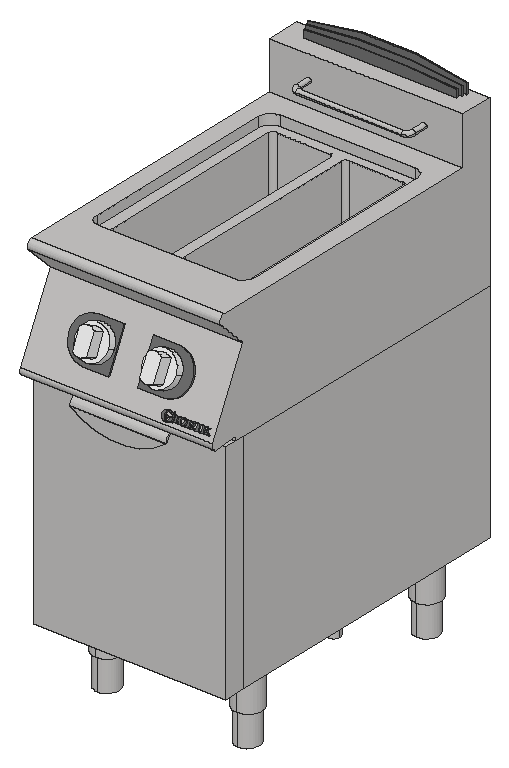
Revit family "QF_GIORIK_FE7207", category Specialty Equipment, Revit 2014
Parameters (values of type "FE7207")
  Weight in Pounds = 136.6864
  Watts = 14000 W
  Volts = 400 V
  URL Cutsheet = "www.giorik.com"
  URL = "www.giorik.com"
  Status [instance] = ""
  Specification by User [instance] = ""
  Specification by Manufacturer = ""
  Show Logo [instance] = yes
  Show Clearance [instance] = yes
  Serial Number = ""
  Seismic Rating = ""
  SMACNA No = ""
  Revision Code [instance] = ""
  Phase = 3
  Number of Poles [instance] = 3
  NAFEM Spec ID Number = ""
  Model = "FE7207"
  Min Ckt Ampacity = 0 A
  Max Overcurrent Protection = 0 A
  Masterspec = ""
  Manufacturer = "GIORIK"
  Item Number [instance] = ""
  Installed By [instance] = ""
  Identify Quantity as Lot [instance] = no
  HP = "18.774280000000"
  Furnished By [instance] = ""
  Foodservice Equipment Identifier [instance] = yes
  FL Amps = 0 A
  Electrical Remarks [instance] = ""
  Electric Connection Type [instance] = ""
  Elec Conn RI Height [instance] = 0 mm
  Elec Conn Connection Height [instance] = 150 mm
  Description = "8+8 LITRE ELECTRIC FRYER."
  Cycle = 50 Hz
  Conn Plug = ""
  CSI MasterFormat = ""
  Assembly Code = "E1090320"
  Apparent Power = 14000 VA
Reference planes
  plane 1 "Back": y = 0
  plane 2: z = 0
  plane 3 "Left": x = 0
  plane 4 "Right": x = 400
  plane 5 "Front": y = -720
  plane 6 "Top": z = 900
Forms (mm)
  Extrusion 1, solid, visible <- "Show Logo"
    sketch origin (196.604, -736.761, 609.486) x (-1, 0, 0) y (0, 0.452718, 0.891654)
      loop
        line (-118.824, 58.358) -> (-127.804, 58.358) -> (-125.523, 56.445) -> (-125.523, 48.027) -> (-127.804, 46.113) -> (-118.824, 46.113) -> (-121.105, 48.027) -> (-121.105, 56.445) -> (-118.824, 58.358)
      loop
        line (-163.721, 58.358) -> (-172.7, 58.358) -> (-170.42, 56.445) -> (-170.42, 48.027) -> (-172.7, 46.113) -> (-163.721, 46.113) -> (-166.001, 48.027) -> (-166.001, 56.445) -> (-163.721, 58.358)
      loop
        line (-174.332, 58.358) -> (-183.312, 58.358) -> (-181.031, 56.445) -> (-181.031, 52.435) -> (-186.419, 56.955) -> (-184.416, 58.358) -> (-191.268, 58.358) -> (-188.01, 56.839) -> (-185.455, 54.283) -> (-190.846, 47.858) -> (-193.396, 46.93) -> (-193.396, 46.113) -> (-184.416, 46.113) -> (-185.437, 47.571) -> (-182.443, 51.552) -> (-181.031, 50.894) -> (-181.031, 48.027) -> (-183.312, 46.113) -> (-174.332, 46.113) -> (-176.613, 48.027) -> (-176.613, 56.445) -> (-174.332, 58.358)
      loop
        line (-115.429, 62.063) -> (-115.429, 54.198)
        arc (-115.429, 54.198) -> (-111.618, 57.803) -> (-106.847, 59.986) r 16.039
        arc (-106.847, 59.986) -> (-103.314, 59.837) -> (-100.512, 57.68) r 5.851
        arc (-100.512, 57.68) -> (-98.815, 52.267) -> (-100.512, 46.853) r 9.479
        arc (-100.512, 46.853) -> (-102.406, 44.986) -> (-104.846, 43.93) r 7.236
        arc (-104.846, 43.93) -> (-107.728, 44.111) -> (-110.052, 45.825) r 5.11
        line (-110.052, 45.825) -> (-110.052, 52.001) -> (-116.141, 52.001) -> (-116.141, 45.503) -> (-117.893, 43.751) -> (-114.094, 44.769)
        arc (-114.094, 44.769) -> (-112.56, 44.947) -> (-111.129, 44.366) r 3.115
        arc (-111.129, 44.366) -> (-104.216, 42.091) -> (-97.303, 44.366) r 11.641
        arc (-97.303, 44.366) -> (-93.396, 52.107) -> (-97.303, 59.849) r 9.622
        arc (-97.303, 59.849) -> (-104.369, 62.174) -> (-111.435, 59.849) r 11.898
        line (-111.435, 59.849) -> (-115.429, 62.063)
      loop
        arc (-129.234, 56.068) -> (-135.893, 58.628) -> (-142.552, 56.068) r 9.941
        arc (-142.552, 56.068) -> (-144.234, 52.286) -> (-142.552, 48.505) r 5.093
        arc (-142.552, 48.505) -> (-135.893, 45.945) -> (-129.234, 48.505) r 9.941
        arc (-129.234, 48.505) -> (-127.552, 52.286) -> (-129.234, 56.068) r 5.093
      loop
        arc (-132.628, 54.403) -> (-135.893, 57.668) -> (-139.158, 54.403) r 3.265
        line (-139.158, 54.403) -> (-139.158, 50.169)
        arc (-139.158, 50.169) -> (-135.893, 46.904) -> (-132.628, 50.169) r 3.265
        line (-132.628, 50.169) -> (-132.628, 54.403)
      loop
        arc (-156.363, 58.365) -> (-159.647, 55.081) -> (-156.363, 51.796) r 3.285
        line (-156.363, 51.796) -> (-159.529, 47.306) -> (-162.087, 46.113) -> (-155.847, 46.113) -> (-153.529, 51.083) -> (-150.637, 51.083) -> (-150.637, 47.784) -> (-153.022, 46.113) -> (-144.011, 46.113) -> (-146.094, 47.68) -> (-146.094, 56.493) -> (-144.229, 58.365) -> (-156.363, 58.365)
      loop
        line (-150.637, 57.512) -> (-153.637, 57.512)
        arc (-153.637, 57.512) -> (-156.237, 54.912) -> (-153.637, 52.312) r 2.6
        line (-153.637, 52.312) -> (-150.637, 52.312) -> (-150.637, 57.512)
      loop
        line (-108.924, 52.001) -> (-104.936, 49.005) -> (-100.948, 52.001) -> (-108.924, 52.001)
    from 1.5 to -0.5
  Extrusion 2, solid
    sketch origin (-16, 1025.81, 0) x (1, 0, 0) y (0, 1, 0)
      loop
        line (25, -1086.81) -> (25, -1156.81) -> (115, -1156.81) -> (115, -1086.81) -> (25, -1086.81)
    from 148 to 150
  Extrusion 3, solid
    sketch origin (0, 1000, -20) x (0, 1, 0) y (0, 0, 1)
      loop
        line (-1000, 989.988) -> (-1070, 989.988) -> (-1070, 889.988) -> (-1688.806, 889.988)
        arc (-1688.806, 889.988) -> (-1699.151, 883.075) -> (-1696.724, 870.873) r 11.197
        line (-1696.724, 870.873) -> (-1640.876, 815.025) -> (-1718.948, 661.258)
        arc (-1718.948, 661.258) -> (-1718.233, 650.105) -> (-1708.118, 645.354) r 10.981
        line (-1708.118, 645.354) -> (-1660, 649.925) -> (-1660, 640) -> (-1000, 640) -> (-1000, 989.988)
    from 0 to 400
  Extrusion 4, solid
    sketch origin (0, 0, 599.536) x (1, 0, 0) y (0, 1, 0)
      loop
        line (0, -640) -> (40, -640) -> (40, -40) -> (360, -40) -> (360, -640) -> (400, -640) -> (400, 0) -> (0, 0) -> (0, -640)
    from -449.536 to 20.464
  Extrusion 5, solid
    sketch origin (0, 0, 0) x (1, 0, 0) y (0, 1, 0)
      loop
        line (40, -40) -> (40, -640) -> (360, -640) -> (360, -40) -> (40, -40)
    from 150 to 190
  Extrusion 6, solid
    sketch origin (-16, 560.81, 0) x (1, 0, 0) y (0, 1, 0)
      loop
        line (25, -1086.81) -> (25, -1156.81) -> (115, -1156.81) -> (115, -1086.81) -> (25, -1086.81)
    from 148 to 150
  Revolve 7, solid
    sketch origin (54, 560.81, 0) x (0, 1, 0) y (0, 0, 1)
      loop
        line (-1092.56, 66) -> (-1092.56, 148) -> (-1121.81, 148) -> (-1121.81, 0) -> (-1096.81, 0) -> (-1096.81, 66) -> (-1092.56, 66)
      axis (-1121.81, 0) -> (-1121.81, 148)
    angle from 0 to 360
  Revolve 8, solid
    sketch origin (54, 1025.81, 0) x (0, 1, 0) y (0, 0, 1)
      loop
        line (-1092.56, 66) -> (-1092.56, 148) -> (-1121.81, 148) -> (-1121.81, 0) -> (-1096.81, 0) -> (-1096.81, 66) -> (-1092.56, 66)
      axis (-1121.81, 0) -> (-1121.81, 148)
    angle from 0 to 360
  Extrusion 9, solid
    sketch origin (416, 560.81, 0) x (-1, 0, 0) y (0, -1, 0)
      loop
        line (25, 1086.81) -> (115, 1086.81) -> (115, 1156.81) -> (25, 1156.81) -> (25, 1086.81)
    from 148 to 150
  Revolve 10, solid
    sketch origin (346, 560.81, 0) x (0, 1, 0) y (0, 0, -1)
      loop
        line (-1092.56, -66) -> (-1096.81, -66) -> (-1096.81, 0) -> (-1121.81, 0) -> (-1121.81, -148) -> (-1092.56, -148) -> (-1092.56, -66)
      axis (-1121.81, 0) -> (-1121.81, -148)
    angle from 0 to 360
  Extrusion 11, solid
    sketch origin (416, -1217.81, 0) x (-1, 0, 0) y (0, -1, 0)
      loop
        line (25, -1086.81) -> (25, -1156.81) -> (115, -1156.81) -> (115, -1086.81) -> (25, -1086.81)
    from 148 to 150
  Revolve 12, solid
    sketch origin (346, -1217.81, 0) x (0, -1, 0) y (0, 0, 1)
      loop
        line (-1092.56, 66) -> (-1092.56, 148) -> (-1121.81, 148) -> (-1121.81, 0) -> (-1096.81, 0) -> (-1096.81, 66) -> (-1092.56, 66)
      axis (-1121.81, 0) -> (-1121.81, 148)
    angle from 0 to 360
  Extrusion 13, solid
    sketch origin (-293.221, -963.345, 52.363) x (1, 0, 0) y (0, 0.452718, 0.891654)
      loop
        line (463.221, 676.25) -> (463.221, 766.25) -> (409.698, 766.25)
        arc (409.698, 766.25) -> (364.698, 721.25) -> (409.698, 676.25) r 45
        line (409.698, 676.25) -> (463.221, 676.25)
    from 48 to 50
  Extrusion 14, solid
    sketch origin (481.331, -1008.697, 74.959) x (-1, 0, 0) y (0, -0.45351, -0.891251)
      loop
        circle (351.331, -721.346) r 35
    from 0 to 15
  Extrusion 15, solid
    sketch origin (481.331, -1008.697, 74.959) x (-1, 0, 0) y (0, -0.45351, -0.891251)
      loop
        arc (336.331, -743.846) -> (351.331, -748.846) -> (366.331, -743.846) r 25
        line (366.331, -743.846) -> (366.331, -698.846)
        arc (366.331, -698.846) -> (351.331, -693.846) -> (336.331, -698.846) r 25
        line (336.331, -698.846) -> (336.331, -743.846)
    from 15 to 40
  Extrusion 16, solid
    sketch origin (-94, 0, 59.999) x (1, 0, 0) y (0, 0, 1)
      loop
        line (135, 909.989) -> (453, 909.989) -> (453, 925.527) -> (347.056, 931.749) -> (240.944, 931.749) -> (135, 925.527) -> (135, 909.989)
    from 32 to 35
  Extrusion 17, solid
    sketch origin (-92, 10, 59.999) x (1, 0, 0) y (0, 0, 1)
      loop
        line (454, 909.989) -> (454, 928.527) -> (346.162, 939.193) -> (237.838, 939.193) -> (130, 928.527) -> (130, 909.989) -> (454, 909.989)
    from 32 to 35
  Extrusion 18, solid
    sketch origin (-90, 20, 59.999) x (1, 0, 0) y (0, 0, 1)
      loop
        line (455, 909.989) -> (455, 930.527) -> (345.396, 947.413) -> (234.604, 947.413) -> (125, 930.527) -> (125, 909.989) -> (455, 909.989)
    from 32 to 35
  Extrusion 19, void
    sketch origin (0, 0, 819.988) x (0, 1, 0) y (-1, 0, 0)
      loop
        arc (-120, -60) -> (-127.322, -42.322) -> (-145, -35) r 25
        line (-145, -35) -> (-565.002, -35)
        arc (-565.002, -35) -> (-582.68, -42.322) -> (-590.002, -60) r 25
        line (-590.002, -60) -> (-590.002, -340)
        arc (-590.002, -340) -> (-582.68, -357.678) -> (-565.002, -365) r 25
        line (-565.002, -365) -> (-145, -365)
        arc (-145, -365) -> (-127.322, -357.678) -> (-120, -340) r 25
        line (-120, -340) -> (-120, -60)
    from -100 to 50
  Extrusion 20, solid
    sketch origin (0, 0, 900) x (0, 1, 0) y (-1, 0, 0)
      loop
        arc (-120, -60) -> (-127.322, -42.322) -> (-145, -35) r 25
        line (-145, -35) -> (-565.002, -35)
        arc (-565.002, -35) -> (-582.68, -42.322) -> (-590.002, -60) r 25
        line (-590.002, -60) -> (-590.002, -340)
        arc (-590.002, -340) -> (-582.68, -357.678) -> (-565.002, -365) r 25
        line (-565.002, -365) -> (-145, -365)
        arc (-145, -365) -> (-127.322, -357.678) -> (-120, -340) r 25
        line (-120, -340) -> (-120, -60)
      loop
        arc (-140, -70) -> (-142.929, -62.929) -> (-150, -60) r 10
        line (-150, -60) -> (-555.002, -60)
        arc (-555.002, -60) -> (-562.073, -62.929) -> (-565.002, -70) r 10
        line (-565.002, -70) -> (-565.002, -180)
        arc (-565.002, -180) -> (-562.073, -187.071) -> (-555.002, -190) r 10
        line (-555.002, -190) -> (-150, -190)
        arc (-150, -190) -> (-142.929, -187.071) -> (-140, -180) r 10
        line (-140, -180) -> (-140, -70)
      loop
        line (-140, -330) -> (-140, -220)
        arc (-140, -220) -> (-142.929, -212.929) -> (-150, -210) r 10
        line (-150, -210) -> (-555.002, -210)
        arc (-555.002, -210) -> (-562.073, -212.929) -> (-565.002, -220) r 10
        line (-565.002, -220) -> (-565.002, -330)
        arc (-565.002, -330) -> (-562.073, -337.071) -> (-555.002, -340) r 10
        line (-555.002, -340) -> (-150, -340)
        arc (-150, -340) -> (-142.929, -337.071) -> (-140, -330) r 10
    from -180.012 to -50
  Extrusion 21, solid
    sketch origin (693.221, -963.345, 52.363) x (-1, 0, 0) y (0, -0.452718, -0.891654)
      loop
        line (463.221, -676.25) -> (409.698, -676.25)
        arc (409.698, -676.25) -> (364.698, -721.25) -> (409.698, -766.25) r 45
        line (409.698, -766.25) -> (463.221, -766.25) -> (463.221, -676.25)
    from 48 to 50
  Extrusion 22, solid
    sketch origin (-81.331, -1008.697, 74.959) x (1, 0, 0) y (0, 0.45351, 0.891251)
      loop
        circle (351.331, 721.346) r 35
    from 0 to 15
  Extrusion 23, solid
    sketch origin (-81.331, -1008.697, 74.959) x (1, 0, 0) y (0, 0.45351, 0.891251)
      loop
        line (336.331, 743.846) -> (336.331, 698.846)
        arc (336.331, 698.846) -> (351.331, 693.846) -> (366.331, 698.846) r 25
        line (366.331, 698.846) -> (366.331, 743.846)
        arc (366.331, 743.846) -> (351.331, 748.846) -> (336.331, 743.846) r 25
    from 15 to 40
  Extrusion 24, solid
    sketch origin (0, -725, 0) x (1, 0, 0) y (0, 0, 1)
      loop
        line (0, 620) -> (0, 150) -> (400, 150) -> (400, 620) -> (0, 620)
    from -85 to -40
  Extrusion 25, solid
    sketch origin (2.5, -725, -20.1) x (0, 1, 0) y (0, 0, 1)
      loop
        arc (25, 640.1) -> (14.393, 635.707) -> (10, 625.1) r 15
        line (10, 625.1) -> (12, 625.1)
        arc (12, 625.1) -> (15.808, 634.292) -> (25, 638.1) r 13
        line (25, 638.1) -> (40, 638.1) -> (40, 640.1) -> (25, 640.1)
    from 97.5 to 297.5
  Extrusion 26, solid
    sketch origin (2.5, -724.905, -20.1) x (1, 0, 0) y (0, 0, 1)
      loop
        arc (97.5, 625.1) -> (197.5, 590.089) -> (297.5, 625.1) r 160.316
        line (297.5, 625.1) -> (97.5, 625.1)
    from -11.905 to -9.905
  Extrusion 27, solid, visible <- "Show Clearance", detail levels coarse
    sketch origin (395, -725, 0) x (-1, 0, 0) y (0, -1, 0)
      loop
        line (-5, -40) -> (395, -40)
        arc (395, -40) -> (277.534, 241.069) -> (-5, 354.968) r 395
        line (-5, 354.968) -> (-5, -40)
    from 150 to 620
  Extrusion 28, solid
    sketch origin (0, 0, 100) x (0, 1, 0) y (-1, 0, 0)
      loop
        circle (-380, -380) r 12.5
    from 30 to 50
  Sweep 29, solid
    path origin (0, 0, 919.988) x (0, 1, 0) y (-1, 0, 0)
      loop
        line (-70, -80) -> (-100, -80)
        arc (-100, -80) -> (-107.071, -82.929) -> (-110, -90) r 10
        line (-110, -90) -> (-110, -310)
        arc (-110, -310) -> (-107.071, -317.071) -> (-100, -320) r 10
        line (-100, -320) -> (-70, -320)
    profile origin (80, -85, 919.988) x (1, 0, 0) y (0, 0, 1)
      loop
        circle (0, 0) r 5
Cuts and joins
  Extrusion 19 cuts Extrusion 3
Lines and regions (mm)
  symbolic lines, style "200-EquipBorder-2D"
    curve 1: line (0, -720, 0) -> (400, -720, 0)
    curve 2: line (400, -720, 0) -> (400, 0, 0)
    curve 3: line (400, 0, 0) -> (0, 0, 0)
    curve 4: line (0, 0, 0) -> (0, -720, 0)
  symbolic lines, style "200-EquipInternal-2D"
    curve 5: line (35, -12, 900) -> (365, -12, 900)
    curve 6: line (365, -12, 900) -> (365, -15, 900)
    curve 7: line (365, -15, 900) -> (35, -15, 900)
    curve 8: line (35, -15, 900) -> (35, -12, 900)
    curve 9: line (38, -22, 900) -> (362, -22, 900)
    curve 10: line (362, -22, 900) -> (362, -25, 900)
    curve 11: line (362, -25, 900) -> (38, -25, 900)
    curve 12: line (38, -25, 900) -> (38, -22, 900)
    curve 13: line (41, -32, 900) -> (359, -32, 900)
    curve 14: line (359, -32, 900) -> (359, -35, 900)
    curve 15: line (359, -35, 900) -> (41, -35, 900)
    curve 16: line (41, -35, 900) -> (41, -32, 900)
    curve 17: line (340, -120, 900) -> (60, -120, 900)
    curve 18: arc (60, -120, 900) -> (42.322, -127.322, 900) -> (35, -145, 900) r 25
    curve 19: line (35, -145, 900) -> (35, -565, 900)
    curve 20: arc (365, -145, 900) -> (357.678, -127.322, 900) -> (340, -120, 900) r 25
    curve 21: arc (340, -590, 900) -> (357.633, -582.723, 900) -> (365, -565.128, 900) r 25
    curve 22: line (60, -590, 900) -> (340, -590, 900)
    curve 23: arc (35, -565, 900) -> (42.322, -582.678, 900) -> (60, -590, 900) r 25
    curve 24: line (365, -565.128, 900) -> (365, -145, 900)
    curve 27: line (70, -140, 900) -> (180, -140, 900)
    curve 28: line (210, -555.002, 900) -> (210, -150, 900)
    curve 29: line (190, -150, 900) -> (190, -555.002, 900)
    curve 30: line (60, -555.002, 900) -> (60, -150, 900)
    curve 31: line (220, -140, 900) -> (330, -140, 900)
    curve 32: line (340, -150, 900) -> (340, -555.002, 900)
    curve 33: line (330, -565.002, 900) -> (220, -565.002, 900)
    curve 34: line (180, -565.002, 900) -> (70, -565.002, 900)
    curve 35: arc (70, -140, 900) -> (62.929, -142.929, 900) -> (60, -150, 900) r 10
    curve 36: arc (180, -140, 900) -> (187.071, -142.929, 900) -> (190, -150, 900) r 10
    curve 37: arc (210, -150, 900) -> (212.929, -142.929, 900) -> (220, -140, 900) r 10
    curve 38: arc (330, -140, 900) -> (337.071, -142.929, 900) -> (340, -150, 900) r 10
    curve 39: arc (60, -555.002, 900) -> (62.929, -562.073, 900) -> (70, -565.002, 900) r 10
    curve 40: arc (180, -565.002, 900) -> (187.071, -562.073, 900) -> (190, -555.002, 900) r 10
    curve 41: arc (340, -555.002, 900) -> (337.071, -562.073, 900) -> (330, -565.002, 900) r 10
    curve 42: arc (220, -565.002, 900) -> (212.929, -562.073, 900) -> (210, -555.002, 900) r 10
    curve 43: line (75, -70, 900) -> (75, -99.667, 900)
    curve 44: line (85, -100, 900) -> (85, -70, 900)
    curve 45: line (89.989, -104.989, 900) -> (310.27, -104.989, 900)
    curve 46: line (315.032, -100.227, 900) -> (315.032, -70, 900)
    curve 47: line (325.032, -70, 900) -> (325.032, -100.301, 900)
    curve 48: line (310.333, -115, 900) -> (90.333, -115, 900)
    curve 49: arc (90.333, -115, 900) -> (79.491, -110.509, 900) -> (75, -99.667, 900) r 15.333
    curve 50: arc (85, -100, 900) -> (86.461, -103.528, 900) -> (89.989, -104.989, 900) r 4.989
    curve 51: arc (310.333, -115, 900) -> (320.727, -110.695, 900) -> (325.032, -100.301, 900) r 14.699
    curve 52: arc (315.032, -100.227, 900) -> (313.637, -103.594, 900) -> (310.27, -104.989, 900) r 4.762
    curve 53: line (0, -70, 900) -> (400, -70, 900)
  symbolic lines, style "QF_Door-Drawer Clearances", visible <- "Show Clearance", detail levels coarse
    curve 25: arc (400, -1079.968, 0) -> (130.204, -978.101, 0) -> (1.554, -720, 0) r 395
    curve 26: line (400, -720, 0) -> (400, -1079.968, 0)
Dimensions and locks
  plane 3 "Left" to plane 4 "Right" = 400 mm
  plane 5 "Front" to plane 1 "Back" = 720 mm
  plane 4 "Right" to plane 3 "Left" = 400 mm
  plane 1 "Back" to plane 5 "Front" = 720 mm
  plane 6 "Top" to level = 900 mm  (x2)
  aligned and locked: level to plane 2
Connectors
  electrical at (380, -380, 130), driven by "Apparent Power", driven by "Volts", driven by "Number of Poles"
    settings: on Extrusion 28, index 1, voltage 400 V, apparent load 0 VA, apparent load phase1 14000 VA, apparent load phase2 0 VA, apparent load phase3 0 VA, power factor 1, load classification "Other", number of poles 3, system type 31, power factor state 1, is connector primary yes, connector utility no, sub classification motor no, connector description "Electrical connection"
